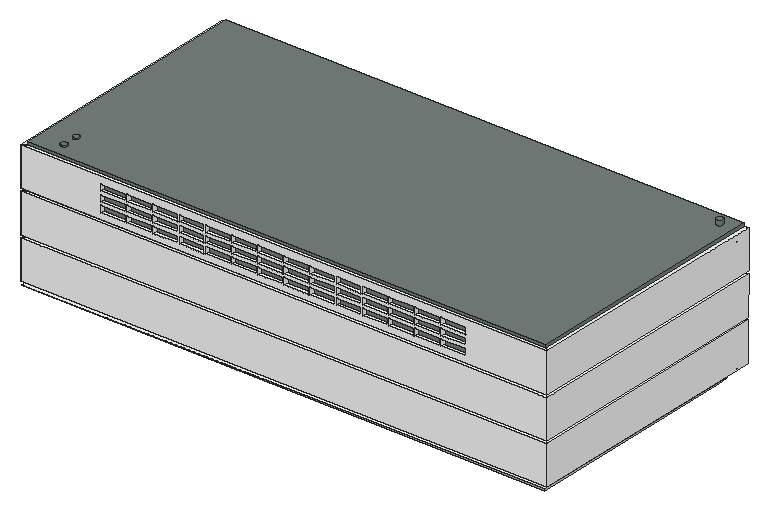
Revit family "AM 800 HT", category Mechanical Equipment, Revit 2019
Family settings
  Round Connector Dimension = Use Diameter
  Part Type = Normal
  OmniClass Number = 23.75.00.00
  OmniClass Title = Climate Control (HVAC)
  Work Plane-Based = No
  Always vertical = Yes
  Cut with Voids When Loaded = No
  Shared = No
  Room Calculation Point = No
Parameters
  Weight (Standard Unit) = 108  # constant formula
  Water Heater Surface Return = 10 mm  # constant formula
  Water Heater Surface IN = 10 mm  # constant formula
  URL = "www.airmaster-as.com"
  Total Width = 1910 mm  # constant formula
  Total Hight = 474 mm  # constant formula
  T-C Duct Exhaust = 252 mm  # constant formula
  T-C Duct Supply = 252 mm  # constant formula
  Suply Air In = 315 mm  # constant formula
  Sidepanlen Middel R [instance] = yes
  Side Panel Top R [instance] = yes
  Side Panel Top L [instance] = yes
  Side Panel Middle L [instance] = yes
  Side Panel Buttom R [instance] = yes
  Side Panel Buttom L [instance] = yes
  R-C Duct Exhaust = 222 mm  # constant formula
  Phase 1 - Max Power Consumption = "4035 W"
  Phase 1 - Max Current = "12 A"
  Nominal current, electrical preheating surface = "6,5 A"
  Nominal current, electrical comfort heating surface = "4,4 A"
  Nominal current, air handling unit = "1,1 A"
  Network Conection = "AWG 24 CAT 5e STP"
  Model = "AM 800 HT"
  Max. flow rate 35 dB(A) with ePM10 80% filters = 580.00 m³  # constant formula
  Max. flow rate 35 dB(A) with ePM10 55% filters = 653.00 m³  # constant formula
  Max. flow rate 35 dB(A) with ePM10 50% filters = 725.00 m³  # constant formula
  Max. flow rate 30 dB(A) with ePM10 80% filters = 520.00 m³  # constant formula
  Max. flow rate 30 dB(A) with ePM10 55% filters = 585.00 m³  # constant formula
  Max. flow rate 30 dB(A) with ePM10 50% filters = 650.00 m³  # constant formula
  Manufacturer = "Airmaster A/S"
  Maintenance [instance] = no
  L-C Duct ESupply = 255 mm  # constant formula
  Exhaust Air = 315 mm  # constant formula
  Total Depth = 916 mm  # constant formula
  Electrical connection = "1 ~ 230 V / N / PE / 50 Hz"
  Drawn By = "LSB"
  Condensate = 9 mm  # constant formula
  Ceter Panel Buttom [instance] = yes
  Center Panel Middle [instance] = yes
  BMS Panel = "(PTS) 2x2x0,6"
  BMS Out = "(PTS) 2x2x0,6"
  BMS IN = "(PTS) 2x2x0,6"
  Airflow area [instance] = no
  Air flow area [instance] = Airflow
Reference planes
  plane 1 "Center (Front/Back)": y = 0
  plane 2: z = 0
  plane 3 "Center (Left/Right)": x = 0
  plane 4 "Center L/S": y = -916
  plane 5 "Center L/T": x = -955
  plane 6 "Center L/U": x = 955
  plane 7 "TOP": z = 474
  plane 8 "Center L/V": x = -940
  plane 9 "Center L/W": y = -901
  plane 10 "Center L/X": x = 940
  plane 11 "Panel Buttom": z = 23
  plane 12 "Panel Top": z = 164.5
  plane 13 "Hatch": z = 14.5
  plane 14 "Center L/Z": z = 173.414
  plane 15 "Center L/AA": z = 314.914
  plane 16 "Center L/BB": z = 324.414
  plane 17 "Center L/CC": z = 465.914
Forms (mm)
  Extrusion 1, solid, material "AM Grey"
    sketch origin (0, 0, 0) x (1, 0, 0) y (0, 1, 0)
      loop
        line (-940, 0) -> (-940, -901) -> (940, -901) -> (940, 0) -> (-940, 0)
    from 14.5 to 474
  Extrusion 2, solid, material "AM White", visible <- "Side Panel Buttom L"
    sketch origin (794.5, -1524, 23) x (0, -1, 0) y (-1, 0, 0)
      loop
        line (-1524, 1749.5) -> (-1524, 1734.5) -> (-623, 1734.5) -> (-608, 1749.5) -> (-1524, 1749.5)
    from 0 to -141.5
  Blend 3, solid, material "AM White"
    base sketch origin (-790.646, -1524, 14.5) x (0, -1, 0) y (1, 0, 0)
      loop
        line (-608, -157.387) -> (-608, 1738.657) -> (-1435.677, 1738.657) -> (-1435.677, -157.387) -> (-608, -157.387)
    top sketch origin (-790.646, -1524, 14.5) x (0, -1, 0) y (1, 0, 0)
      loop
        line (-623, -146.037) -> (-623, 1727.646) -> (-1424.161, 1727.646) -> (-1424.161, -146.037) -> (-623, -146.037)
    from 0 to -14.5
  Extrusion 4, void
    sketch origin (1055.25, -916, 324.414) x (1, 0, 0) y (0, 0, -1)
      loop
        line (-1717.75, -118) -> (-1627.75, -118) -> (-1627.75, -93) -> (-1717.75, -93) -> (-1717.75, -118)
      loop
        line (-1717.75, -83) -> (-1627.75, -83) -> (-1627.75, -58) -> (-1717.75, -58) -> (-1717.75, -83)
      loop
        line (-1717.75, -48) -> (-1627.75, -48) -> (-1627.75, -23) -> (-1717.75, -23) -> (-1717.75, -48)
      loop
        line (-1622.75, -118) -> (-1532.75, -118) -> (-1532.75, -93) -> (-1622.75, -93) -> (-1622.75, -118)
      loop
        line (-1622.75, -83) -> (-1532.75, -83) -> (-1532.75, -58) -> (-1622.75, -58) -> (-1622.75, -83)
      loop
        line (-1622.75, -48) -> (-1532.75, -48) -> (-1532.75, -23) -> (-1622.75, -23) -> (-1622.75, -48)
      loop
        line (-1527.75, -118) -> (-1437.75, -118) -> (-1437.75, -93) -> (-1527.75, -93) -> (-1527.75, -118)
      loop
        line (-1527.75, -83) -> (-1437.75, -83) -> (-1437.75, -58) -> (-1527.75, -58) -> (-1527.75, -83)
      loop
        line (-1527.75, -48) -> (-1437.75, -48) -> (-1437.75, -23) -> (-1527.75, -23) -> (-1527.75, -48)
      loop
        line (-1432.75, -118) -> (-1342.75, -118) -> (-1342.75, -93) -> (-1432.75, -93) -> (-1432.75, -118)
      loop
        line (-1432.75, -83) -> (-1342.75, -83) -> (-1342.75, -58) -> (-1432.75, -58) -> (-1432.75, -83)
      loop
        line (-1432.75, -48) -> (-1342.75, -48) -> (-1342.75, -23) -> (-1432.75, -23) -> (-1432.75, -48)
      loop
        line (-1337.75, -118) -> (-1247.75, -118) -> (-1247.75, -93) -> (-1337.75, -93) -> (-1337.75, -118)
      loop
        line (-1337.75, -83) -> (-1247.75, -83) -> (-1247.75, -58) -> (-1337.75, -58) -> (-1337.75, -83)
      loop
        line (-1337.75, -48) -> (-1247.75, -48) -> (-1247.75, -23) -> (-1337.75, -23) -> (-1337.75, -48)
      loop
        line (-1242.75, -118) -> (-1152.75, -118) -> (-1152.75, -93) -> (-1242.75, -93) -> (-1242.75, -118)
      loop
        line (-1242.75, -83) -> (-1152.75, -83) -> (-1152.75, -58) -> (-1242.75, -58) -> (-1242.75, -83)
      loop
        line (-1242.75, -48) -> (-1152.75, -48) -> (-1152.75, -23) -> (-1242.75, -23) -> (-1242.75, -48)
      loop
        line (-1147.75, -118) -> (-1057.75, -118) -> (-1057.75, -93) -> (-1147.75, -93) -> (-1147.75, -118)
      loop
        line (-1147.75, -83) -> (-1057.75, -83) -> (-1057.75, -58) -> (-1147.75, -58) -> (-1147.75, -83)
      loop
        line (-1147.75, -48) -> (-1057.75, -48) -> (-1057.75, -23) -> (-1147.75, -23) -> (-1147.75, -48)
      loop
        line (-1052.75, -118) -> (-962.75, -118) -> (-962.75, -93) -> (-1052.75, -93) -> (-1052.75, -118)
      loop
        line (-1052.75, -83) -> (-962.75, -83) -> (-962.75, -58) -> (-1052.75, -58) -> (-1052.75, -83)
      loop
        line (-1052.75, -48) -> (-962.75, -48) -> (-962.75, -23) -> (-1052.75, -23) -> (-1052.75, -48)
      loop
        line (-957.75, -118) -> (-867.75, -118) -> (-867.75, -93) -> (-957.75, -93) -> (-957.75, -118)
      loop
        line (-957.75, -83) -> (-867.75, -83) -> (-867.75, -58) -> (-957.75, -58) -> (-957.75, -83)
      loop
        line (-957.75, -48) -> (-867.75, -48) -> (-867.75, -23) -> (-957.75, -23) -> (-957.75, -48)
      loop
        line (-862.75, -118) -> (-772.75, -118) -> (-772.75, -93) -> (-862.75, -93) -> (-862.75, -118)
      loop
        line (-862.75, -83) -> (-772.75, -83) -> (-772.75, -58) -> (-862.75, -58) -> (-862.75, -83)
      loop
        line (-862.75, -48) -> (-772.75, -48) -> (-772.75, -23) -> (-862.75, -23) -> (-862.75, -48)
      loop
        line (-767.75, -118) -> (-677.75, -118) -> (-677.75, -93) -> (-767.75, -93) -> (-767.75, -118)
      loop
        line (-767.75, -83) -> (-677.75, -83) -> (-677.75, -58) -> (-767.75, -58) -> (-767.75, -83)
      loop
        line (-767.75, -48) -> (-677.75, -48) -> (-677.75, -23) -> (-767.75, -23) -> (-767.75, -48)
      loop
        line (-672.75, -118) -> (-582.75, -118) -> (-582.75, -93) -> (-672.75, -93) -> (-672.75, -118)
      loop
        line (-672.75, -83) -> (-582.75, -83) -> (-582.75, -58) -> (-672.75, -58) -> (-672.75, -83)
      loop
        line (-672.75, -48) -> (-582.75, -48) -> (-582.75, -23) -> (-672.75, -23) -> (-672.75, -48)
      loop
        line (-577.75, -118) -> (-487.75, -118) -> (-487.75, -93) -> (-577.75, -93) -> (-577.75, -118)
      loop
        line (-577.75, -83) -> (-487.75, -83) -> (-487.75, -58) -> (-577.75, -58) -> (-577.75, -83)
      loop
        line (-577.75, -48) -> (-487.75, -48) -> (-487.75, -23) -> (-577.75, -23) -> (-577.75, -48)
      loop
        line (-482.75, -118) -> (-392.75, -118) -> (-392.75, -93) -> (-482.75, -93) -> (-482.75, -118)
      loop
        line (-482.75, -83) -> (-392.75, -83) -> (-392.75, -58) -> (-482.75, -58) -> (-482.75, -83)
      loop
        line (-482.75, -48) -> (-392.75, -48) -> (-392.75, -23) -> (-482.75, -23) -> (-482.75, -48)
    from 0 to 15
  Extrusion 5, solid, material "AM Grey"
    sketch origin (940, 0, 0) x (0, -1, 0) y (0, 0, -1)
      loop
        circle (48.75, -36.414) r 8
    from 0 to 15
  Extrusion 6, solid, material "AM Grey"
    sketch origin (-940, -878.072, 0.549) x (0, 1, 0) y (0, 0, -1)
      loop
        arc (97.447, -426.641) -> (85.619, -415.215) -> (74.05, -426.903) r 11.7
        arc (74.05, -426.903) -> (85.881, -438.614) -> (97.447, -426.641) r 11.7
    from 0 to 2
  Extrusion 7, solid, material "AM Grey"
    sketch origin (-940, -892.224, 0.658) x (0, 1, 0) y (0, 0, -1)
      loop
        arc (56.677, -428.239) -> (46.918, -415.112) -> (33.131, -423.914) r 12
        arc (33.131, -423.914) -> (42.582, -438.717) -> (56.677, -428.239) r 12
    from 0 to 2
  Extrusion 8, solid, material "AM Grey"
    sketch origin (-940, 0, 0) x (1, 0, 0) y (0, 0, -1)
      loop
        circle (1673, -222) r 157.5
    from 0 to 55
  Extrusion 9, solid, material "AM Grey"
    sketch origin (-785, 0, 0) x (1, 0, 0) y (0, 0, -1)
      loop
        circle (85, -222) r 157.5
    from 0 to 55
  Extrusion 10, solid, material "AM Grey"
    sketch origin (-1697.474, 21.256, 474) x (1, 0, 0) y (0, 1, 0)
      loop
        arc (848.662, -826.53) -> (848, -804.55) -> (847.338, -826.53) r 11
        line (847.338, -826.53) -> (848.662, -826.53)
    from 0 to 2
  Extrusion 11, solid, material "AM Grey"
    sketch origin (-1697.474, 6.881, 474) x (1, 0, 0) y (0, 1, 0)
      loop
        arc (848.662, -867.28) -> (848, -845.3) -> (847.338, -867.28) r 11
        line (847.338, -867.28) -> (848.662, -867.28)
    from 0 to 2
  Extrusion 12, solid, material "Maintenece", visible <- "Maintenance"
    sketch origin (-790.646, -1524, 0) x (1, 0, 0) y (0, -1, 0)
      loop
        line (-164.354, -1524) -> (1745.646, -1524) -> (1745.646, -608) -> (-164.354, -608) -> (-164.354, -1524)
    from 0 to 1200
  Extrusion 13, void
    sketch origin (-955, 0, 23) x (0, 1, 0) y (0, 0, 1)
      loop
        line (-260.5, 116.914) -> (-350.5, 116.914) -> (-350.5, 88.55) -> (-260.5, 88.55) -> (-260.5, 116.914)
      loop
        line (-260.5, 83.55) -> (-350.5, 83.55) -> (-350.5, 55.55) -> (-260.5, 55.55) -> (-260.5, 83.55)
      loop
        line (-260.5, 50.55) -> (-350.5, 50.55) -> (-350.5, 22.55) -> (-260.5, 22.55) -> (-260.5, 50.55)
      loop
        line (-355.5, 116.914) -> (-445.5, 116.914) -> (-445.5, 88.55) -> (-355.5, 88.55) -> (-355.5, 116.914)
      loop
        line (-355.5, 83.55) -> (-445.5, 83.55) -> (-445.5, 55.55) -> (-355.5, 55.55) -> (-355.5, 83.55)
      loop
        line (-355.5, 50.55) -> (-445.5, 50.55) -> (-445.5, 22.55) -> (-355.5, 22.55) -> (-355.5, 50.55)
      loop
        line (-450.5, 116.914) -> (-540.5, 116.914) -> (-540.5, 88.55) -> (-450.5, 88.55) -> (-450.5, 116.914)
      loop
        line (-450.5, 83.55) -> (-540.5, 83.55) -> (-540.5, 55.55) -> (-450.5, 55.55) -> (-450.5, 83.55)
      loop
        line (-450.5, 50.55) -> (-540.5, 50.55) -> (-540.5, 22.55) -> (-450.5, 22.55) -> (-450.5, 50.55)
      loop
        line (-545.5, 116.914) -> (-635.5, 116.914) -> (-635.5, 88.55) -> (-545.5, 88.55) -> (-545.5, 116.914)
      loop
        line (-545.5, 83.55) -> (-635.5, 83.55) -> (-635.5, 55.55) -> (-545.5, 55.55) -> (-545.5, 83.55)
      loop
        line (-545.5, 50.55) -> (-635.5, 50.55) -> (-635.5, 22.55) -> (-545.5, 22.55) -> (-545.5, 50.55)
      loop
        line (-640.5, 116.914) -> (-730.5, 116.914) -> (-730.5, 88.55) -> (-640.5, 88.55) -> (-640.5, 116.914)
      loop
        line (-640.5, 83.55) -> (-730.5, 83.55) -> (-730.5, 55.55) -> (-640.5, 55.55) -> (-640.5, 83.55)
      loop
        line (-640.5, 50.55) -> (-730.5, 50.55) -> (-730.5, 22.55) -> (-640.5, 22.55) -> (-640.5, 50.55)
      loop
        line (-735.5, 116.914) -> (-825.5, 116.914) -> (-825.5, 88.55) -> (-735.5, 88.55) -> (-735.5, 116.914)
      loop
        line (-735.5, 83.55) -> (-825.5, 83.55) -> (-825.5, 55.55) -> (-735.5, 55.55) -> (-735.5, 83.55)
      loop
        line (-735.5, 50.55) -> (-825.5, 50.55) -> (-825.5, 22.55) -> (-735.5, 22.55) -> (-735.5, 50.55)
    from 0 to 15
  Extrusion 14, solid, material "AM Grey"
    sketch origin (0, 0, 474) x (1, 0, 0) y (0, 1, 0)
      loop
        arc (880.766, -33.956) -> (876.81, -38.388) -> (875.622, -44.209) r 11.4
        arc (875.622, -44.209) -> (897.19, -48.612) -> (880.766, -33.956) r 11.4
    from 0 to 15
  Extrusion 15, solid, material "AM Grey"
    sketch origin (940, 0, 0) x (0, -1, 0) y (0, 0, -1)
      loop
        circle (47.646, -447.784) r 8
    from 0 to 15
  Extrusion 16, solid, material "AM Grey"
    sketch origin (-940, 0, 0) x (1, 0, 0) y (0, 0, -1)
      loop
        circle (1813, -35) r 12
    from 0 to 15
  Extrusion 17, solid, material "AM White", visible <- "Sidepanlen Middel R"
    sketch origin (794.5, -1524, 173.414) x (0, -1, 0) y (-1, 0, 0)
      loop
        line (-1524, -160.5) -> (-608, -160.5) -> (-623, -145.5) -> (-1524, -145.5) -> (-1524, -160.5)
    from 0 to -141.5
  Extrusion 18, solid, material "AM White"
    sketch origin (794.5, -1524, 324.414) x (0, -1, 0) y (-1, 0, 0)
      loop
        line (-608, -160.5) -> (-608, 1749.5) -> (-623, 1734.5) -> (-623, -145.5) -> (-608, -160.5)
    from 0 to -141.5
  Extrusion 19, solid, material "Airflow" <- "Air flow area", visible <- "Airflow area"
    sketch origin (-790.646, -1524, 0) x (1, 0, 0) y (0, -1, 0)
      loop
        line (-164.354, -1524) -> (-164.354, -608) -> (-664.354, -608) -> (-664.354, -1524) -> (-164.354, -1524)
    from 0 to -164.5
  Extrusion 20, solid, material "AM White"
    sketch origin (0, 0, 14.5) x (0, 1, 0) y (1, 0, 0)
      loop
        line (0, 940) -> (-88.323, 940) -> (-88.323, -940) -> (0, -940) -> (0, 940)
    from 0 to 3
  Extrusion 21, solid, material "AM White", visible <- "Side Panel Middle L"
    sketch origin (794.5, -1524, 173.414) x (0, -1, 0) y (-1, 0, 0)
      loop
        line (-1524, 1749.5) -> (-1524, 1734.5) -> (-623, 1734.5) -> (-608, 1749.5) -> (-1524, 1749.5)
    from 0 to -141.5
  Extrusion 22, solid, material "AM White", visible <- "Side Panel Top L"
    sketch origin (794.5, -1524, 324.414) x (0, -1, 0) y (-1, 0, 0)
      loop
        line (-1524, 1749.5) -> (-1524, 1734.5) -> (-623, 1734.5) -> (-608, 1749.5) -> (-1524, 1749.5)
    from 0 to -141.5
  Extrusion 23, solid, material "AM White", visible <- "Side Panel Top R"
    sketch origin (794.5, -1524, 324.414) x (0, -1, 0) y (-1, 0, 0)
      loop
        line (-1524, -160.5) -> (-608, -160.5) -> (-623, -145.5) -> (-1524, -145.5) -> (-1524, -160.5)
    from 0 to -141.5
  Extrusion 24, solid, material "AM White", visible <- "Side Panel Buttom R"
    sketch origin (794.5, -1524, 23) x (0, -1, 0) y (-1, 0, 0)
      loop
        line (-1524, -160.5) -> (-608, -160.5) -> (-623, -145.5) -> (-1524, -145.5) -> (-1524, -160.5)
    from 0 to -141.5
  Extrusion 25, solid, material "AM White", visible <- "Center Panel Middle"
    sketch origin (794.5, -1524, 173.414) x (0, -1, 0) y (-1, 0, 0)
      loop
        line (-608, -160.5) -> (-608, 1749.5) -> (-623, 1734.5) -> (-623, -145.5) -> (-608, -160.5)
    from 0 to -141.5
  Extrusion 26, solid, material "AM White", visible <- "Ceter Panel Buttom"
    sketch origin (794.5, -1524, 23) x (0, -1, 0) y (-1, 0, 0)
      loop
        line (-608, -160.5) -> (-608, 1749.5) -> (-623, 1734.5) -> (-623, -145.5) -> (-608, -160.5)
    from 0 to -141.5
Cuts and joins
  Extrusion 4, Extrusion 13 cuts Extrusion 1
  Extrusion 4, Extrusion 13 cuts Extrusion 2
  Extrusion 4 cuts Extrusion 17
  Extrusion 4 cuts Extrusion 18
Dimensions and locks
  "Total Depth": plane 4 "Center L/S" to plane 1 "Center (Front/Back)"
  equal spacing: plane 5 "Center L/T", plane 3 "Center (Left/Right)", plane 6 "Center L/U"
  "Total Width": plane 5 "Center L/T" to plane 6 "Center L/U"
  "Total Hight": plane 7 "TOP" to level
  locked: plane 10 "Center L/X" to plane 6 "Center L/U" at 15
  locked: plane 4 "Center L/S" to plane 9 "Center L/W" at 15
  locked: plane 5 "Center L/T" to plane 8 "Center L/V" at 15
  Extrusion 1 to Blend 3 sketch curve = 99.839 mm
  "R-C Duct Exhaust": plane 6 "Center L/U" to Extrusion 8 sketch curve
  "T-C Duct Exhaust": Extrusion 8 sketch curve to cut or joined group of Extrusion 1, Extrusion 4, Extrusion 13
  "T-C Duct Supply": Extrusion 9 sketch curve to plane 7 "TOP"
  "L-C Duct ESupply": Extrusion 9 sketch curve to plane 5 "Center L/T"
  Extrusion 16 sketch curve to plane 5 "Center L/T" = 1828 mm
  Extrusion 16 sketch curve to plane 7 "TOP" = 439 mm
  nested 3 to plane 5 "Center L/T" = 550 mm
  aligned and locked: level to plane 2
  aligned and locked: plane 1 "Center (Front/Back)" to Extrusion 1 sketch curve
  aligned and locked: Extrusion 1 sketch curve to plane 8 "Center L/V"
  aligned and locked: Extrusion 1 sketch curve to plane 9 "Center L/W"
  aligned and locked: Extrusion 1 sketch curve to plane 10 "Center L/X"
  aligned and locked: plane 7 "TOP" to Extrusion 1
  aligned and locked: plane 5 "Center L/T" to Extrusion 2 sketch curve
  aligned and locked: Extrusion 2 sketch curve to Extrusion 1
  aligned and locked: Extrusion 2 to plane 12 "Panel Top"
  aligned and locked: Blend 3 to plane 2
  aligned and locked: Extrusion 1 to plane 13 "Hatch"
  aligned and locked: Extrusion 12 sketch curve to cut or joined group of Extrusion 2, Extrusion 4, Extrusion 13  (x2)
  aligned and locked: Extrusion 17 to plane 15 "Center L/AA"
  aligned and locked: Extrusion 18 to plane 17 "Center L/CC"
Automatic sketch dimensions
  plane 1 "Center (Front/Back)" to Extrusion 2 sketch curve = 0 mm
  Extrusion 2 sketch curve to plane 9 "Center L/W" = 0 mm
  plane 4 "Center L/S" to Extrusion 2 sketch curve = 0 mm
  plane 4 "Center L/S" to Blend 3 sketch curve = 0 mm
  Blend 3 sketch curve to plane 6 "Center L/U" = 6.989 mm
  plane 1 "Center (Front/Back)" to Blend 3 sketch curve = 88.323 mm
  plane 5 "Center L/T" to Blend 3 sketch curve = 6.967 mm
  Blend 3 sketch curve to plane 9 "Center L/W" = 0 mm
  plane 8 "Center L/V" to Blend 3 sketch curve = 3.316 mm
  Blend 3 sketch curve to plane 10 "Center L/X" = 3 mm
  plane 17 "Center L/CC" to Extrusion 4 sketch curve = 23.5 mm  (x2)
  plane 8 "Center L/V" to Extrusion 4 sketch curve = 277.5 mm
  Extrusion 4 sketch curve to Extrusion 4 sketch curve = 0 mm  (x86)
  Extrusion 4 sketch curve to Extrusion 4 sketch curve = 90 mm  (x13)
  Extrusion 4 sketch curve to Extrusion 4 sketch curve = 5 mm  (x36)
  Extrusion 4 sketch curve to plane 3 "Center (Left/Right)" = 2.5 mm  (x3)
  plane 3 "Center (Left/Right)" to Extrusion 4 sketch curve = 2.5 mm  (x3)
  Extrusion 4 sketch curve to Extrusion 4 sketch curve = 25 mm  (x10)
  Extrusion 4 sketch curve to Extrusion 4 sketch curve = 10 mm  (x9)
  Extrusion 4 sketch curve to plane 16 "Center L/BB" = 23 mm  (x5)
  Extrusion 1 to Extrusion 5 sketch curve = 21.914 mm
  Extrusion 1 to Extrusion 5 sketch curve = 48.75 mm
  Extrusion 6 sketch curve to Extrusion 6 sketch curve = 0 mm  (x2)
  Extrusion 1 to Extrusion 6 sketch curve = 46.537 mm
  Extrusion 6 sketch curve to Extrusion 1 = 108.678 mm
  Extrusion 6 sketch curve to Extrusion 6 sketch curve = 11.7 mm
  Extrusion 6 sketch curve to Extrusion 6 sketch curve = 11.697 mm
  Extrusion 6 sketch curve to Extrusion 6 sketch curve = 0.011 mm
  Extrusion 7 sketch curve to Extrusion 7 sketch curve = 0 mm  (x2)
  Extrusion 7 sketch curve to Extrusion 1 = 53.526 mm
  Extrusion 1 to Extrusion 7 sketch curve = 46.428 mm
  Extrusion 7 sketch curve to Extrusion 7 sketch curve = 11.619 mm
  Extrusion 7 sketch curve to Extrusion 7 sketch curve = 11.927 mm
  Extrusion 7 sketch curve to Extrusion 7 sketch curve = 1.325 mm
  Extrusion 10 sketch curve to Extrusion 1 = 89.864 mm
  Extrusion 10 sketch curve to Extrusion 10 sketch curve = 0.662 mm
  Extrusion 10 sketch curve to Extrusion 1 = 95.726 mm
  Extrusion 10 sketch curve to Extrusion 10 sketch curve = 10.98 mm
  Extrusion 11 sketch curve to Extrusion 1 = 89.864 mm
  Extrusion 11 sketch curve to Extrusion 11 sketch curve = 0.662 mm
  Extrusion 11 sketch curve to Extrusion 1 = 40.601 mm
  Extrusion 11 sketch curve to Extrusion 11 sketch curve = 10.98 mm
  Extrusion 12 sketch curve to Blend 3 = 18 mm
  Extrusion 12 sketch curve to Blend 3 = 15 mm
  Extrusion 13 sketch curve to Extrusion 2 = 22.55 mm  (x2)
  Extrusion 2 to Extrusion 13 sketch curve = 90.5 mm
  Extrusion 13 sketch curve to Extrusion 13 sketch curve = 0 mm  (x33)
  Extrusion 13 sketch curve to Extrusion 13 sketch curve = 90 mm  (x6)
  Extrusion 13 sketch curve to Extrusion 13 sketch curve = 5 mm  (x21)
  Extrusion 13 sketch curve to Extrusion 13 sketch curve = 28 mm  (x6)
  Extrusion 13 sketch curve to Extrusion 2 = 24.586 mm  (x3)
  Extrusion 14 sketch curve to Extrusion 14 sketch curve = 0 mm  (x2)
  Extrusion 14 sketch curve to Extrusion 1 = 53 mm
  Extrusion 14 sketch curve to Extrusion 1 = 43.5 mm
  Extrusion 14 sketch curve to Extrusion 14 sketch curve = 6.234 mm
  Extrusion 14 sketch curve to Extrusion 14 sketch curve = 11.378 mm
  Extrusion 14 sketch curve to Extrusion 14 sketch curve = 0.709 mm
  Extrusion 1 to Extrusion 15 sketch curve = 47.646 mm
  Extrusion 1 to Extrusion 15 sketch curve = 26.216 mm
  plane 1 "Center (Front/Back)" to Extrusion 17 sketch curve = 0 mm
  plane 9 "Center L/W" to Extrusion 17 sketch curve = 0 mm
  plane 4 "Center L/S" to Extrusion 17 sketch curve = 0 mm
  Extrusion 17 sketch curve to plane 10 "Center L/X" = 0 mm
  Extrusion 17 sketch curve to plane 6 "Center L/U" = 0 mm
  plane 9 "Center L/W" to Extrusion 18 sketch curve = 0 mm
  plane 4 "Center L/S" to Extrusion 18 sketch curve = 0 mm
  Extrusion 18 sketch curve to plane 5 "Center L/T" = 0 mm
  Extrusion 18 sketch curve to plane 8 "Center L/V" = 0 mm
  Extrusion 18 sketch curve to plane 10 "Center L/X" = 0 mm
  Extrusion 18 sketch curve to plane 6 "Center L/U" = 0 mm
  Extrusion 19 sketch curve to Blend 3 = 99.839 mm
  Extrusion 19 sketch curve to Blend 3 = 518.316 mm
  Extrusion 19 sketch curve to Blend 3 = 18.316 mm
  Extrusion 19 sketch curve to Blend 3 = 15 mm
  Extrusion 20 sketch curve to Extrusion 1 = 0 mm  (x2)
  Extrusion 1 to Extrusion 20 sketch curve = 0 mm
  Extrusion 1 to Extrusion 20 sketch curve = 88.323 mm
  plane 1 "Center (Front/Back)" to Extrusion 21 sketch curve = 0 mm
  Extrusion 21 sketch curve to plane 8 "Center L/V" = 0 mm
  Extrusion 21 sketch curve to plane 9 "Center L/W" = 0 mm
  plane 4 "Center L/S" to Extrusion 21 sketch curve = 0 mm
  Extrusion 21 sketch curve to plane 5 "Center L/T" = 0 mm
  plane 1 "Center (Front/Back)" to Extrusion 22 sketch curve = 0 mm
  Extrusion 22 sketch curve to plane 8 "Center L/V" = 0 mm
  Extrusion 22 sketch curve to plane 9 "Center L/W" = 0 mm
  plane 4 "Center L/S" to Extrusion 22 sketch curve = 0 mm
  Extrusion 22 sketch curve to plane 5 "Center L/T" = 0 mm
  plane 1 "Center (Front/Back)" to Extrusion 23 sketch curve = 0 mm
  plane 9 "Center L/W" to Extrusion 23 sketch curve = 0 mm
  plane 4 "Center L/S" to Extrusion 23 sketch curve = 0 mm
  Extrusion 23 sketch curve to plane 10 "Center L/X" = 0 mm
  Extrusion 23 sketch curve to plane 6 "Center L/U" = 0 mm
  plane 1 "Center (Front/Back)" to Extrusion 24 sketch curve = 0 mm
  plane 9 "Center L/W" to Extrusion 24 sketch curve = 0 mm
  plane 4 "Center L/S" to Extrusion 24 sketch curve = 0 mm
  Extrusion 24 sketch curve to plane 10 "Center L/X" = 0 mm
  Extrusion 24 sketch curve to plane 6 "Center L/U" = 0 mm
  plane 9 "Center L/W" to Extrusion 25 sketch curve = 0 mm
  plane 4 "Center L/S" to Extrusion 25 sketch curve = 0 mm
  Extrusion 25 sketch curve to plane 5 "Center L/T" = 0 mm
  Extrusion 25 sketch curve to plane 8 "Center L/V" = 0 mm
  Extrusion 25 sketch curve to plane 10 "Center L/X" = 0 mm
  Extrusion 25 sketch curve to plane 6 "Center L/U" = 0 mm
  plane 9 "Center L/W" to Extrusion 26 sketch curve = 0 mm
  plane 4 "Center L/S" to Extrusion 26 sketch curve = 0 mm
  Extrusion 26 sketch curve to plane 5 "Center L/T" = 0 mm
  Extrusion 26 sketch curve to plane 8 "Center L/V" = 0 mm
  Extrusion 26 sketch curve to plane 10 "Center L/X" = 0 mm
  Extrusion 26 sketch curve to plane 6 "Center L/U" = 0 mm
  radius of Extrusion 5 sketch curve = 8 mm
  radius of Extrusion 8 sketch curve = 157.5 mm
  radius of Extrusion 9 sketch curve = 157.5 mm
  radius of Extrusion 15 sketch curve = 8 mm
  radius of Extrusion 16 sketch curve = 12 mm
Nested families
  nested 1: "Model Label 2019" at (0, -361.924, 0), Label <- "Model", type "Model Label 2019"
    with Label "AM 800 HT"
  nested 2: "indblæssymbol" at (11.742, -966, 0) x (0, -1, 0) z (0, 0, 1), type "indblæssymbol"
    with dX_ 609 mm, dX 609 mm, ang2D 0.00°
  nested 3: "Pil Indtag" at (-1505, -460, 0), type "Pil Indtag"
    with dX_ 609 mm, dX 609 mm, ang2D 0.00°
Connectors
  piping at (-942, -847.32, 426.735), diameter 10, driven by "Water Heater Surface IN"
    settings: on Extrusion 7, index 6, connector inside diameter 609.6 mm, connector length 0 mm, flow factor 0, pipe flow 0.0 L/s, pressure drop 0.0 Pa, fitting loss kfactor 0, connector angle 0.00°, fixture units 0, engagement length 0 mm, angle of deflection 0.00°, flow configuration 0, flow direction 1, fitting loss method 0, system type 7, joint type 0, gender type 0, connector reference index -1, connector utility 0, adjustable connector no, is connector primary yes, connector description ""
  piping at (-942, -792.324, 427.321), diameter 10, driven by "Water Heater Surface Return"
    settings: on Extrusion 6, index 7, connector inside diameter 609.6 mm, connector length 0 mm, flow factor 0, pipe flow 0.0 L/s, pressure drop 0.0 Pa, fitting loss kfactor 0, connector angle 0.00°, fixture units 0, engagement length 0 mm, angle of deflection 0.00°, flow configuration 0, flow direction 2, fitting loss method 0, system type 8, joint type 0, gender type 0, connector reference index -1, connector utility 0, adjustable connector no, is connector primary no, connector description ""
  piping at (-849.474, -860.399, 476), diameter 10, driven by "Water Heater Surface IN"
    settings: on Extrusion 11, index 11, connector inside diameter 609.6 mm, connector length 0 mm, flow factor 0, pipe flow 0.0 L/s, pressure drop 0.0 Pa, fitting loss kfactor 0, connector angle 0.00°, fixture units 0, engagement length 0 mm, angle of deflection 0.00°, flow configuration 0, flow direction 0, fitting loss method 0, system type 19, joint type 0, gender type 0, connector reference index -1, connector utility 0, adjustable connector no, is connector primary no, connector description ""
  piping at (-849.474, -805.274, 476), diameter 10, driven by "Water Heater Surface Return"
    settings: on Extrusion 10, index 12, connector inside diameter 609.6 mm, connector length 0 mm, flow factor 0, pipe flow 0.0 L/s, pressure drop 0.0 Pa, fitting loss kfactor 0, connector angle 0.00°, fixture units 0, engagement length 0 mm, angle of deflection 0.00°, flow configuration 0, flow direction 0, fitting loss method 0, system type 19, joint type 0, gender type 0, connector reference index -1, connector utility 0, adjustable connector no, is connector primary no, connector description ""
  electrical at (955, -47.646, 447.784)
    settings: on Extrusion 15, index 13, voltage 230 V, apparent load 0 VA, apparent load phase1 0 VA, apparent load phase2 0 VA, apparent load phase3 0 VA, power factor 0.56, load classification "Other", number of poles 1, system type 30, power factor state 1, is connector primary yes, connector utility no, sub classification motor no, connector description ""
  electrical at (878.194, -39.082, 489)
    settings: on Extrusion 14, index 14, voltage 230 V, apparent load 0 VA, apparent load phase1 0 VA, apparent load phase2 0 VA, apparent load phase3 0 VA, power factor 0.56, load classification "Other", number of poles 1, system type 30, power factor state 1, is connector primary no, connector utility no, sub classification motor no, connector description ""
  piping at (955, -48.75, 36.414), diameter 9, driven by "Condensate"
    settings: on Extrusion 5, index 15, connector inside diameter 609.6 mm, connector length 0 mm, flow factor 0, pipe flow 0.0 L/s, pressure drop 0.0 Pa, fitting loss kfactor 0, connector angle 0.00°, fixture units 0, engagement length 0 mm, angle of deflection 0.00°, flow configuration 0, flow direction 0, fitting loss method 0, system type 16, joint type 0, gender type 0, connector reference index -1, connector utility 0, adjustable connector no, is connector primary no, connector description ""
  piping at (873, 15, 35), diameter 9, driven by "Condensate"
    settings: on Extrusion 16, index 16, connector inside diameter 609.6 mm, connector length 0 mm, flow factor 0, pipe flow 0.0 L/s, pressure drop 0.0 Pa, fitting loss kfactor 0, connector angle 0.00°, fixture units 0, engagement length 0 mm, angle of deflection 0.00°, flow configuration 0, flow direction 0, fitting loss method 0, system type 16, joint type 0, gender type 0, connector reference index -1, connector utility 0, adjustable connector no, is connector primary no, connector description ""
  hvac at (733, 0, 222), driven by "Exhaust Air"
    settings: on Extrusion 8, index 17, duct flow 0.0 L/s, flow factor 0, pres drop 0.0 Pa, loss coef 0, conn angle 0.00°, conn width 304.8 mm, conn height 304.8 mm, conn diameter 315 mm, duct sys type 3, conn prof type 0, flow config 0, flow direction 2, loss method 0, conn ref index -1, conn util no, is conn primary yes, conn desc ""
  hvac at (-700, 0, 222), driven by "Suply Air In"
    settings: on Extrusion 9, index 18, duct flow 0.0 L/s, flow factor 0, pres drop 0.0 Pa, loss coef 0, conn angle 0.00°, conn width 304.8 mm, conn height 304.8 mm, conn diameter 315 mm, duct sys type 1, conn prof type 0, flow config 0, flow direction 1, loss method 0, conn ref index -1, conn util no, is conn primary no, conn desc ""
Definition of nested family "Model Label 2019"
  Parameters (values of type "Model Label 2019")
    Label [instance] = ""
  Reference planes
    plane 1: y = 0
    plane 2: x = 0
  Text (mm)
    label "Label" at (-0.131, 0.049, 0), shows "Label"
Definition of nested family "indblæssymbol"
  Parameters (values of type "indblæssymbol")
    dX_ [instance] = if(dX = 0 mm, 1 mm, dX)  # 609 mm
    dX [instance] = 609 mm
    ang2D [instance] = 0.00°
    Type Comments = "DO NOT CHANGE dX value from 608 mm ( 2 ft )"
    Afstand pil = 50 mm
  Reference planes
    plane 1 "Center (Front/Back)": y = 0
    plane 2: z = 0
    plane 3 "Center (Left/Right)": x = 0
  Lines and regions (mm)
    Filled region 1, type "Concrete", in view "Ref. Level"
      outline origin (50.005, 0, 0) x (1, 0, 0) y (0, 1, 0)
        loop
          line (399.995, 0.414) -> (301.442, 17.365) -> (301.588, -17.365) -> (399.995, 0.414)
    reference lines, in view "Ref. Level"
      curve 1: line (50, 134.129, 0) -> (50, -145.871, 0)
    detail lines, in view "Ref. Level"
      curve 2: line (351.52, 0, 0) -> (50, 0, 0)
  Dimensions and locks
    "Afstand pil": plane 3 "Center (Left/Right)" to curve 1
    curve 1 to Filled region 1 = 400 mm
  Automatic sketch dimensions
    Filled region 1 sketch curve to plane 1 "Center (Front/Back)" = 0.414 mm
    plane 3 "Center (Left/Right)" to Filled region 1 sketch curve = 450 mm
    plane 1 "Center (Front/Back)" to Filled region 1 sketch curve = 17.365 mm
    Filled region 1 sketch curve to Filled region 1 sketch curve = 98.407 mm
    Filled region 1 sketch curve to plane 1 "Center (Front/Back)" = 17.365 mm
    Filled region 1 sketch curve to Filled region 1 sketch curve = 0.146 mm
    plane 1 "Center (Front/Back)" to curve 2 = 0 mm
    plane 3 "Center (Left/Right)" to curve 2 = 50 mm
    curve 2 to curve 2 = 301.52 mm
    plane 1 "Center (Front/Back)" to curve 1 = 145.871 mm
    curve 1 to plane 1 "Center (Front/Back)" = 134.129 mm
Definition of nested family "Pil Indtag"
  Parameters (values of type "Pil Indtag")
    dX_ [instance] = if(dX = 0 mm, 1 mm, dX)  # 609 mm
    dX [instance] = 609 mm
    ang2D [instance] = 0.00°
    Type Comments = "DO NOT CHANGE dX value from 608 mm ( 2 ft )"
    Afstand pil = 50 mm
  Reference planes
    plane 1 "Center (Front/Back)": y = 0
    plane 2: z = 0
    plane 3 "Center (Left/Right)": x = 0
    plane 4: x = 500
  Lines and regions (mm)
    Filled region 1, type "Concrete", in view "Ref. Level"
      outline origin (0, 0, 0) x (1, 0, 0) y (0, 1, 0)
        loop
          line (499.552, 0) -> (401.072, 17.365) -> (401.072, -17.365) -> (499.552, 0)
    reference lines, in view "Ref. Level"
      curve 1: line (50, 134.129, 0) -> (50, -145.871, 0)
    detail lines, in view "Ref. Level", not visible
      curve 2: arc (335, 0, 0) -> (385.559, -50.321, 0) -> (434.999, 1.101, 0) r 50.01
      curve 3: arc (335, 0, 0) -> (285.666, 52.633, 0) -> (235.069, 1.212, 0) r 50.01
      curve 4: line (434.999, 1.101, 0) -> (434.999, 21.156, 0)
      curve 5: line (235.069, 1.212, 0) -> (235.069, -18.844, 0)
    detail lines, in view "Ref. Level"
      curve 6: arc (225.332, 0, 0) -> (272.332, -35.211, 0) -> (294.114, 19.326, 0) r 36.995
      curve 7: arc (225.206, 0, 0) -> (173.868, 30.307, 0) -> (156.85, -26.829, 0) r 37.835
      curve 8: line (499.552, 0, 0) -> (401.072, 17.365, 0)
      curve 9: line (401.072, 17.365, 0) -> (401.072, -17.365, 0)
      curve 10: line (401.072, -17.365, 0) -> (499.552, 0, 0)
      curve 11: line (499.552, 0, 0) -> (-15.448, 0, 0)
  Dimensions and locks
    "Afstand pil": plane 3 "Center (Left/Right)" to curve 1
    plane 3 "Center (Left/Right)" to plane 4 = 500 mm
  Automatic sketch dimensions
    plane 1 "Center (Front/Back)" to Filled region 1 sketch curve = 0 mm
    Filled region 1 sketch curve to plane 4 = 0.448 mm
    plane 1 "Center (Front/Back)" to Filled region 1 sketch curve = 17.365 mm
    Filled region 1 sketch curve to plane 4 = 98.928 mm
    Filled region 1 sketch curve to plane 1 "Center (Front/Back)" = 17.365 mm
    plane 1 "Center (Front/Back)" to curve 11 = 0 mm
    plane 1 "Center (Front/Back)" to curve 7 = 4.913 mm
    plane 3 "Center (Left/Right)" to curve 7 = 187.691 mm
    curve 6 to plane 1 "Center (Front/Back)" = 0.405 mm
    curve 7 to curve 6 = 74.634 mm
    curve 9 to plane 1 "Center (Front/Back)" = 17.365 mm
    curve 9 to plane 4 = 98.928 mm
    curve 11 to plane 4 = 0.448 mm
    plane 1 "Center (Front/Back)" to curve 10 = 17.365 mm
    curve 7 to curve 7 = 30.842 mm
    curve 11 to plane 3 "Center (Left/Right)" = 15.448 mm
    curve 7 to curve 6 = 37.119 mm
    curve 7 to curve 6 = 0.126 mm
    curve 6 to plane 1 "Center (Front/Back)" = 19.326 mm
    plane 1 "Center (Front/Back)" to curve 1 = 145.871 mm
    curve 1 to plane 1 "Center (Front/Back)" = 134.129 mm
